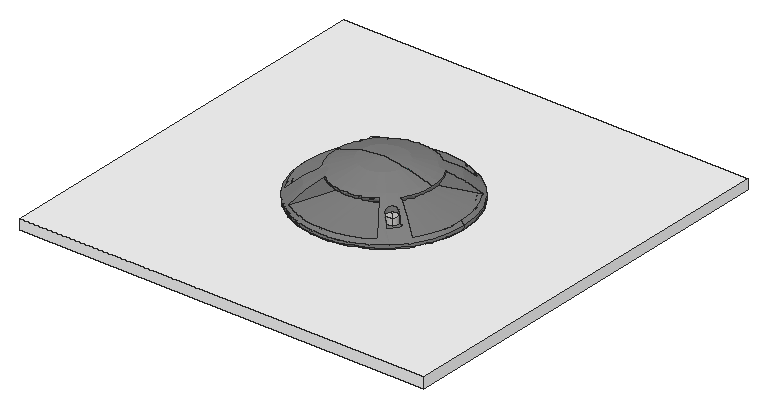
Revit family "BE_77070_de_DE", category Leuchten, Revit 2015
Parameters (values of type "BEGA_77070_Grafit_K4")
  built-in parameter 1150104 = 8.7097 (stored number, unit not read)
  Wattage = 2.4 W
  Default Elevation = 0 mm
  built-in parameter 1150113 = 1 (stored number, unit not read)
  built-in parameter 1114218 = 1 (stored number, unit not read)
  Umgebungstemperatur = "25 °C"
  URL = "http://www.bega.de/produkt/77070"
  Typenkommentare = "© 2016 BEGA. Wir behalten uns das Recht vor, technische Änderungen ohne vorherige Ankündigung vorzunehmen."  # constant formula
  Type Image = 77070.png
  built-in parameter 1150134 = 12
  built-in parameter 1150109 = 1 (stored number, unit not read)
  Strom = ""
  built-in parameter 1150110 = 1 (stored number, unit not read)
  Spannung = 23.9969 V
  Sonderanfertigung = no
  Seriennummer [instance] = "Hier können Sie die eindeutige Seriennummer für das Facility Management eintragen."
  Schutzklasse = "III"
  Schutzart = "IP 67"
  Scheinlast = 0 VA
  Produktdatenblatt = "http://www.bega.de/download/Xrfa/db/77070.db.de.pdf"
  Oberflächentemperatur = "20 °C"
  Neigungswinkel = 0.00°
  Modell = "77070K4"
  Material_17 = BEGA_Reflektor
  Material_15 = BEGA_Leuchtmedium_matt
  Material_11 = BEGA_Glas_opal
  Material_09 = BEGA_Glas_klar
  Material_06 = BEGA_Oberfläche_Edelstahl_gebürstet
  Material_03 = BEGA_Oberfläche_Weiss_matt
  Material_02 = BEGA_Oberfläche_Silber_matt
  Material_01 [instance] = BEGA_Oberfläche_Grafit_matt
  M_W = no
  M_G = yes
  M_A = no
  Logo = 0
  built-in parameter 1114217 = 1 (stored number, unit not read)
  built-in parameter 1150139 = (empty or 0)
  built-in parameter 1150105 = 17.905 (stored number, unit not read)
  built-in parameter 1150114 = 1 (stored number, unit not read)
  Lumens = 225 lm
  built-in parameter 1150115 = 1 (stored number, unit not read)
  Leuchtenlichtstrom = "23 lm"
  Leuchtenanzahl = ""
  Lebensdauerkriterien = "L70 = 50.000 h"
  Lastklassifizierung = Beleuchtung
  built-in parameter 1150112 = 1 (stored number, unit not read)
  Lampenlichtstrom = "225 lm"
  Lampe = "LED 2.4 W"
  LED_Modulbezeichnung = "LED-0245/840"
  built-in parameter 1150142 = (empty or 0)
  Hersteller = "BEGA"  # constant formula
  Halbstreuwinkel = ""
  Gewicht = "0.95 kg"
  Gebrauchslageneinschränkung [instance] = ""
  Frequenz = ""
  Farbwiedergabeindex = "Ra > 80"
  Farbtemperaturverschiebung bei Dämpfen der Lampe = <Keine Auswahl>
  Farbtemperatur = "4000 K"
  Farbfilter = 16777215
  Erdstück = no
  built-in parameter 1150133 = 10 (stored number, unit not read)
  Energieeffizienzklasse = "LED A++ - A"
  built-in parameter 1150137 = (empty or 0)
  built-in parameter 1150132 = (empty or 0)
  Einbaugehäuse = no
  ENEC = "ja"
  Dimmbar [instance] = ""
  Datei für fotometrisches Netz = "BE_77070K4.IES"
  CE_Konformität = "ja"
  Bestellnummer_Erdstück = if(Erdstück, "70894", "---")  # "---"
  Bestellnummer_Einbaugehäuse = if(Einbaugehäuse, "70751", "---")  # "---"
  Bestellnummer = "77070K4"
  Beschreibung_Sonderanfertigung = "Hier können Sie Informationen zur Sonderanfertigung eintragen."
  Beschreibung = "Bodenaufbauleuchte"
  built-in parameter 1150106 = 0.17905 (stored number, unit not read)
  Belastbarkeit = "1000 kg"
  Befestigungsbohrung = "Ø 6,5 mm"
  Befestigungsabstand = ""
  Ballwurfsicher = ""
  BEGA_Intern_aus = yes
  BEGA_Intern_an = yes
  BEGA_Intern_Konstruktion = yes
  BEGA_Intern = yes
  BEGA_IES = yes
  BEGA_Dummy = no
  Anschlussleitung = "1.8 m 05RN8-F 2 × 1²"
  Anschlussleistung [instance] = "2.8 W"
  Anschlusskasten = ""
  built-in parameter 1150107 = 4000 (stored number, unit not read)
  built-in parameter 1150102 = (empty or 0)
  built-in parameter 1150138 = (empty or 0)
  Aktualisierung = "2016-12-14T04:15:04"
  Abstand_zur_angestrahlten_Fläche [instance] = ""
  AC/DC = "DC"
Types (2, lengths in mm): name | built-in parameter 1150104 | built-in parameter 1150134 | Modell | built-in parameter 1150105 | Lumens | Leuchtenlichtstrom | Lampenlichtstrom | LED_Modulbezeichnung | Farbtemperatur | Datei für fotometrisches Netz | Bestellnummer | built-in parameter 1150106 | built-in parameter 1150107
  BEGA_77070_Grafit_K4 | 8.7097 (stored number, unit not read) | 12 | "77070K4" | 17.905 (stored number, unit not read) | 225 lm | "23 lm" | "225 lm" | "LED-0245/840" | "4000 K" | "BE_77070K4.IES" | "77070K4" | 0.17905 (stored number, unit not read) | 4000 (stored number, unit not read)
  BEGA_77070_Grafit_K3 | 8.129 (stored number, unit not read) | (empty or 0) | "77070" | 16.711 (stored number, unit not read) | 210 lm | "22 lm" | "210 lm" | "LED-0245/830" | "3000 K" | "BE_77070.IES" | "77070" | 0.16711 (stored number, unit not read) | 3000 (stored number, unit not read)
Reference planes
  plane 1 "Mitte (Vorne/Hinten)": y = 0
  plane 2: z = 0
  plane 3 "Mitte (Links/Rechts)": x = 0
  plane 4 "Links": x = -79.5
  plane 5 "Rechts": x = 79.5
  plane 6 "Unten": y = -79.501
  plane 7 "Oben": y = 79.502
  plane 8 "Vorne": z = 37.765
  plane 9 "Hinten": z = 0
Forms (mm)
  Extrusion 1, solid, material "BEGA_Platte_Weiss"
    sketch origin (0, -1119.2, 0) x (1, 0, 0) y (0, 1, 0)
      loop
        line (-200, 1319.2) -> (-200, 919.2) -> (200, 919.2) -> (200, 1319.2) -> (-200, 1319.2)
    from 0 to -10
  Extrusion 2, solid, material "BEGA_Dummy_matt", visible <- "BEGA_Dummy"
    sketch origin (77.149, -76.023, 0) x (1, 0, 0) y (0, 1, 0)
      loop
        circle (-77.149, 76.023) r 79.5
    from 0 to 37.765
Dimensions and locks
  plane 1 "Mitte (Vorne/Hinten)" to Extrusion 1 = 200 mm
  aligned and locked: plane 2 to Extrusion 1
  aligned and locked: level to Extrusion 1
Nested families
  nested 1: "BE_77070" at (0, 0, 0), type "BE_77070"
Connectors
  electrical at (0, 0, 0), driven by "Lastklassifizierung", driven by "Spannung", driven by "Scheinlast"
    settings: index 1, voltage 23.9969 V, apparent load 0 VA, apparent load phase1 0 VA, apparent load phase2 0 VA, apparent load phase3 0 VA, power factor 1, load classification "Beleuchtung", number of poles 1, system type 31, power factor state 1, is connector primary yes, connector utility no, sub classification motor no, connector description ""
Definition of nested family "BE_77070"
  Parameters (values of type "BE_77070")
    Default Elevation = 1 mm
    URL = "http://www.bega.de/de/produkt"
    Type Comments = "© 2015 BEGA. Wir behalten uns das Recht vor, technische Änderungen ohne vorherige Ankündigung vorzunehmen. "  # constant formula
    Type Image = (empty or 0)
    Material_17 = none
    Material_15 = none
    Material_11 = none
    Material_09 = none
    Material_06 = none
    Material_03 = none
    Material_02 = none
    Material_01 = none
    M_W = yes
    M_G = yes
    M_A = yes
    Länge_Platte = 200 mm  # constant formula
    Höhe_Platte = -10 mm  # constant formula
    Manufacturer = "BEGA"  # constant formula
    Breite_Platte = 200 mm  # constant formula
  Reference planes
    plane 1 "Mitte (Oben/Unten)": y = 0
    plane 2: z = 0
    plane 3 "Mitte (Links/Rechts)": x = 0
    plane 4 "Vorne": z = 37.765
    plane 5 "Links": x = -79.5
    plane 6 "Oben": y = 79.502
    plane 7 "Unten": y = -79.501
    plane 8: x = 79.5
  Forms (mm)
    Extrusion 1, solid, detail levels medium
      sketch origin (0, 0, 0) x (1, 0, 0) y (0, 1, 0)
        loop
          line (-100, 100) -> (-100, -100) -> (100, -100) -> (100, 100) -> (-100, 100)
      from 0 to -10 <- "Höhe_Platte"
    Revolve 2, solid, material <- "Material_01", detail levels medium+fine
      sketch origin (0, 0, 0) x (1, 0, 0) y (0, 0, 1)
        loop
          arc (0, 37.75) -> (-43.272, 28.837) -> (-79.5, 3.549) r 109.5
          line (-79.5, 3.549) -> (-79.5, 0.75)
          arc (-79.5, 0.75) -> (-79.354, 0.396) -> (-79, 0.25) r 0.5
          line (-79, 0.25) -> (-73, 0.25) -> (-73, 5.999) -> (-44.548, 5.999) -> (-44.548, 10.74) -> (-32, 10.74) -> (-32, 27.75) -> (0, 27.75) -> (0, 37.75)
        axis (0, 37.75) -> (0, 0.25)
      angle from 0 to 360
    Revolve 3, solid, material <- "Material_01", detail levels medium+fine
      sketch origin (0, 0, 0) x (1, 0, 0) y (0, 0, 1)
        loop
          line (-46.583, 2) -> (-46.583, 4) -> (-72.478, 4) -> (-72.478, 5.999) -> (-44.5, 5.999) -> (-44.5, 2) -> (-25.5, 2) -> (-25.5, 0) -> (-44.5, 0)
          arc (-44.5, 0) -> (-45.914, 0.586) -> (-46.5, 2) r 2
        axis (0, 0) -> (0, 5.999)
      angle from 0 to 360
    Revolve 4, void
      sketch origin (0, 0, 0) x (1, 0, 0) y (0, 0, 1)
        loop
          line (45.956, 24.034) -> (31.271, 23.264) -> (31.271, 15.25) -> (33, 15.25) -> (76.979, 6.701)
          arc (76.979, 6.701) -> (62.891, 18.428) -> (47.044, 27.64) r 109.498
          arc (47.044, 27.64) -> (47.771, 25.453) -> (45.956, 24.034) r 2
        axis (0, 6.701) -> (0, 27.64)
      angle from -34.969 to 35.019
    Revolve 5, void
      sketch origin (0, 0, 0) x (0, 1, 0) y (0, 0, 1)
        loop
          line (45.956, 24.034) -> (31.271, 23.264) -> (31.271, 15.25) -> (33, 15.25) -> (76.979, 6.701)
          arc (76.979, 6.701) -> (62.891, 18.428) -> (47.044, 27.64) r 109.498
          arc (47.044, 27.64) -> (47.771, 25.453) -> (45.956, 24.034) r 2
        axis (0, 6.701) -> (0, 27.64)
      angle from -35.067 to 34.981
    Revolve 6, solid, material <- "Material_17", detail levels medium+fine
      sketch origin (0, 0, 0) x (1, 0, 0) y (0, 0, 1)
        loop
          line (-21.535, 17.762) -> (-25, 14.75) -> (-25, 10.75) -> (-24.2, 10.75) -> (-24.2, 14.385) -> (-21.044, 17.128)
          arc (-21.044, 17.128) -> (-19.5, 18.621) -> (-18.127, 20.273) r 19.8
          arc (-18.127, 20.273) -> (-17.422, 21.309) -> (-16.808, 22.401) r 14.8
          arc (-16.808, 22.401) -> (-16.352, 23.468) -> (-16.041, 24.587) r 8.8
          line (-16.041, 24.587) -> (-16.824, 24.75)
          arc (-16.824, 24.75) -> (-17.107, 23.732) -> (-17.523, 22.76) r 8
          arc (-17.523, 22.76) -> (-18.103, 21.729) -> (-18.769, 20.75) r 14
          arc (-18.769, 20.75) -> (-20.072, 19.182) -> (-21.535, 17.762) r 19
        axis (0, 24.75) -> (0, 10.75)
      angle from 0 to 360
    Revolve 7, solid, material <- "Material_09", detail levels medium+fine
      sketch origin (0, 0, 0) x (1, 0, 0) y (0, 0, 1)
        loop
          line (-26.8, 12.75) -> (-26.8, 25.75) -> (-30, 25.75) -> (-30, 12.75) -> (-26.8, 12.75)
        axis (0, 12.75) -> (0, 25.75)
      angle from 0 to 360
    Revolve 8, solid, material <- "Material_06", detail levels fine
      sketch origin (0, 0, 0) x (1, 0, 0) y (0, 0, 1)
        loop
          line (-10.451, 2.25) -> (-10.451, -7.25) -> (-8.875, -7.25) -> (-8.875, -9.25)
          arc (-8.875, -9.25) -> (-7.754, -12.027) -> (-5.018, -13.247) r 4
          line (-5.018, -13.247) -> (-3.989, -13.247) -> (-3.989, 18.772) -> (-7.5, 18.772) -> (-7.5, 10.75) -> (-10.451, 10.75) -> (-10.451, 5.999) -> (-7.5, 5.999) -> (-7.5, 2.25) -> (-10.451, 2.25)
        axis (0, 18.772) -> (0, -13.247)
      angle from 0 to 360
    Extrusion 9, void
      sketch origin (0, 0, 0) x (1, 0, 0) y (0, 1, 0)
        loop
          circle (35, 0) r 3.25
      from 0 to 3.549
    Extrusion 10, void
      sketch origin (0, 0, 0) x (-0.5, 0.866025, 0) y (-0.866025, -0.5, 0)
        loop
          circle (35, 0) r 3.25
      from 0 to 3.549
    Extrusion 11, void
      sketch origin (0, 0, 0) x (-0.5, -0.866025, 0) y (0.866025, -0.5, 0)
        loop
          circle (35, 0) r 3.25
      from 0 to 3.549
    Revolve 12, void
      sketch origin (0.704, -0.715, 0) x (0.707107, -0.707107, 0) y (0, 0, 1)
        loop
          line (-66.331, 6.5) -> (-69.222, 6.5) -> (-69.222, 3.815) -> (-66.522, 3.815) -> (-66.331, 6.5)
        axis (-69.222, 3.815) -> (-69.222, 6.5)
      angle from 0 to 360
    Revolve 13, void
      sketch origin (97.169, -97.18, 0) x (0.707107, -0.707107, 0) y (0, 0, 1)
        loop
          line (-66.331, 6.5) -> (-69.222, 6.5) -> (-69.222, 3.815) -> (-66.522, 3.815) -> (-66.331, 6.5)
        axis (-69.222, 3.815) -> (-69.222, 6.5)
      angle from 0 to 360
    Revolve 14, solid, material <- "Material_06", detail levels fine
      sketch origin (-0.003, -0.008, 0) x (0.707107, -0.707107, 0) y (0, 0, 1)
        loop
          line (-68.222, 0.7) -> (-65.622, 0.7) -> (-65.622, 6.5) -> (-68.222, 6.5) -> (-68.222, 0.7)
        axis (-68.222, 0.7) -> (-68.222, 6.5)
      angle from 0 to 360
    Revolve 15, solid, material <- "Material_06", detail levels fine
      sketch origin (-0.003, -0.008, 0) x (-0.707107, 0.707107, 0) y (0, 0, -1)
        loop
          line (-68.222, -0.706) -> (-68.222, -6.5) -> (-65.622, -6.5) -> (-65.622, -0.706) -> (-68.222, -0.706)
        axis (-68.222, -0.706) -> (-68.222, -6.5)
      angle from 0 to 360
    Extrusion 16, void
      sketch origin (0, 0, 0) x (1, 0, 0) y (0, 1, 0)
        loop
          arc (-46.669, 38.184) -> (-38.184, 38.184) -> (-38.184, 46.669) r 6
          line (-38.184, 46.669) -> (-44.862, 53.347)
          arc (-44.862, 53.347) -> (-49.287, 49.287) -> (-53.347, 44.862) r 69.703
          line (-53.347, 44.862) -> (-46.669, 38.184)
        loop
          arc (46.669, -38.184) -> (38.184, -38.184) -> (38.184, -46.669) r 6
          line (38.184, -46.669) -> (44.862, -53.347)
          arc (44.862, -53.347) -> (49.287, -49.287) -> (53.347, -44.862) r 69.703
          line (53.347, -44.862) -> (46.669, -38.184)
      from 12.75 to 33.319
    Revolve 17, solid, material <- "Material_06", detail levels fine
      sketch origin (0, 0, 0) x (0.707107, -0.707107, 0) y (0, 0, 1)
        loop
          line (-55, 18.7) -> (-60, 18.7) -> (-60, 0.7) -> (-56.75, 0.7) -> (-56.75, 12.7) -> (-55, 12.7) -> (-55, 18.7)
        axis (-60, 0.7) -> (-60, 18.7)
      angle from 0 to 360
    Revolve 18, solid, material <- "Material_06", detail levels fine
      sketch origin (84.853, -84.853, 0) x (0.707107, -0.707107, 0) y (0, 0, 1)
        loop
          line (-55, 18.7) -> (-60, 18.7) -> (-60, 0.7) -> (-56.75, 0.7) -> (-56.75, 12.7) -> (-55, 12.7) -> (-55, 18.7)
        axis (-60, 0.7) -> (-60, 18.7)
      angle from 0 to 360
    Revolve 19, void
      sketch origin (0, 0, 0) x (0, -1, 0) y (0, 0, -1)
        loop
          arc (45.956, -24.034) -> (47.771, -25.453) -> (47.044, -27.64) r 2
          arc (47.044, -27.64) -> (62.891, -18.428) -> (76.979, -6.701) r 109.498
          line (76.979, -6.701) -> (33, -15.25) -> (31.271, -15.25) -> (31.271, -23.264) -> (45.956, -24.034)
        axis (0, -6.701) -> (0, -27.64)
      angle from -34.969 to 35.019
    Revolve 20, void
      sketch origin (0, 0, 0) x (-1, 0, 0) y (0, 0, -1)
        loop
          arc (45.956, -24.034) -> (47.771, -25.453) -> (47.044, -27.64) r 2
          arc (47.044, -27.64) -> (62.891, -18.428) -> (76.979, -6.701) r 109.498
          line (76.979, -6.701) -> (33, -15.25) -> (31.271, -15.25) -> (31.271, -23.264) -> (45.956, -24.034)
        axis (0, -6.701) -> (0, -27.64)
      angle from -35.067 to 34.981
  Cuts and joins
    Revolve 4, Revolve 5, Extrusion 9, Revolve 12, Revolve 13, Extrusion 16, Revolve 19, Revolve 20 cuts Revolve 2
    Extrusion 9, Extrusion 10, Extrusion 11, Revolve 12, Revolve 13, Extrusion 16 cuts Revolve 3
  Dimensions and locks
    equal spacing: Extrusion 1 sketch curve, plane 3 "Mitte (Links/Rechts)", Extrusion 1 sketch curve
    equal spacing: Extrusion 1 sketch curve, plane 1 "Mitte (Oben/Unten)", Extrusion 1 sketch curve
    "Länge_Platte": Extrusion 1 sketch curve to Extrusion 1 sketch curve
    "Breite_Platte": Extrusion 1 sketch curve to Extrusion 1 sketch curve
    aligned and locked: Extrusion 1 to plane 2
    aligned and locked: level to Extrusion 1
  Automatic sketch dimensions
    Revolve 2 sketch curve to plane 5 "Links" = 0 mm
    Revolve 2 sketch curve to Revolve 2 sketch curve = 0.5 mm
    plane 5 "Links" to Revolve 2 sketch curve = 6.5 mm
    level to Revolve 2 sketch curve = 10.74 mm
    Revolve 2 sketch curve to Revolve 2 sketch curve = 28.452 mm
    Revolve 2 sketch curve to Revolve 2 sketch curve = 12.548 mm
    Revolve 2 sketch curve to plane 3 "Mitte (Links/Rechts)" = 0 mm
    plane 3 "Mitte (Links/Rechts)" to Revolve 2 sketch curve = 0 mm
    Revolve 2 sketch curve to Revolve 2 sketch curve = 4.741 mm
    level to Revolve 2 sketch curve = 3.549 mm
    level to Revolve 2 sketch curve = 0.75 mm
    Revolve 2 sketch curve to level = 71.75 mm
    Revolve 2 sketch curve to Revolve 2 sketch curve = 10 mm
    Revolve 2 sketch curve to Revolve 2 sketch curve = 0 mm  (x3)
    Revolve 3 sketch curve to level = 0 mm  (x2)
    Revolve 3 sketch curve to plane 3 "Mitte (Links/Rechts)" = 0 mm
    Revolve 3 sketch curve to Revolve 3 sketch curve = 25.5 mm
    level to Revolve 3 sketch curve = 5.999 mm
    Revolve 3 sketch curve to Revolve 3 sketch curve = 19 mm
    Revolve 3 sketch curve to Revolve 3 sketch curve = 0 mm  (x4)
    Revolve 3 sketch curve to Revolve 3 sketch curve = 2.083 mm
    plane 5 "Links" to Revolve 3 sketch curve = 7.022 mm
    Revolve 3 sketch curve to Revolve 3 sketch curve = 2 mm
    Revolve 3 sketch curve to Revolve 3 sketch curve = 1.999 mm
    Revolve 3 sketch curve to Revolve 3 sketch curve = 0.083 mm
    Revolve 3 sketch curve to Revolve 3 sketch curve = 3.549 mm
    Revolve 4 sketch curve to plane 3 "Mitte (Links/Rechts)" = 0 mm
    plane 3 "Mitte (Links/Rechts)" to Revolve 4 sketch curve = 0.129 mm
    level to Revolve 4 sketch curve = 15.25 mm
    plane 3 "Mitte (Links/Rechts)" to Revolve 4 sketch curve = 31.271 mm
    Revolve 4 sketch curve to Revolve 4 sketch curve = 1.729 mm
    Revolve 4 sketch curve to Revolve 4 sketch curve = 14.585 mm
    Revolve 4 sketch curve to plane 4 "Vorne" = 13.731 mm
    Revolve 4 sketch curve to Revolve 4 sketch curve = 0.099 mm
    plane 8 to Revolve 4 sketch curve = 2.521 mm
    level to Revolve 4 sketch curve = 6.701 mm
    Revolve 4 sketch curve to level = 71.298 mm
    Revolve 4 sketch curve to Revolve 4 sketch curve = 8.014 mm
    Revolve 4 sketch curve to Revolve 4 sketch curve = 1.998 mm
    level to Revolve 4 sketch curve = 14.569 mm
    Revolve 4 sketch curve to Revolve 4 sketch curve = 8.411 mm
    Revolve 5 sketch curve to level = 71.298 mm
    level to Revolve 5 sketch curve = 15.25 mm
    Revolve 5 sketch curve to Revolve 5 sketch curve = 31.142 mm
    Revolve 5 sketch curve to Revolve 5 sketch curve = 1.729 mm
    Revolve 5 sketch curve to Revolve 5 sketch curve = 14.585 mm
    Revolve 5 sketch curve to plane 4 "Vorne" = 13.731 mm
    Revolve 5 sketch curve to Revolve 5 sketch curve = 0.099 mm
    level to Revolve 5 sketch curve = 6.701 mm
    Revolve 5 sketch curve to Revolve 5 sketch curve = 31.023 mm
    Revolve 5 sketch curve to Revolve 5 sketch curve = 8.014 mm
    Revolve 5 sketch curve to Revolve 5 sketch curve = 1.998 mm
    Revolve 5 sketch curve to plane 4 "Vorne" = 14.784 mm
    Revolve 5 sketch curve to Revolve 5 sketch curve = 31.271 mm
    Revolve 5 sketch curve to Revolve 5 sketch curve = 8.411 mm
    Revolve 6 sketch curve to Revolve 6 sketch curve = 0 mm  (x8)
    Revolve 6 sketch curve to plane 3 "Mitte (Links/Rechts)" = 0 mm
    Revolve 6 sketch curve to plane 3 "Mitte (Links/Rechts)" = 16.041 mm
    Revolve 6 sketch curve to Revolve 6 sketch curve = 0.783 mm
    Revolve 6 sketch curve to Revolve 6 sketch curve = 4.22 mm
    Revolve 6 sketch curve to Revolve 6 sketch curve = 0.491 mm
    Revolve 6 sketch curve to Revolve 6 sketch curve = 3.156 mm
    Revolve 6 sketch curve to Revolve 6 sketch curve = 7.832 mm
    Revolve 6 sketch curve to Revolve 6 sketch curve = 0.8 mm
    Revolve 6 sketch curve to Revolve 6 sketch curve = 5.346 mm
    Revolve 6 sketch curve to Revolve 6 sketch curve = 4.012 mm
    level to Revolve 6 sketch curve = 10.75 mm
    Revolve 6 sketch curve to Revolve 6 sketch curve = 3.635 mm
    Revolve 6 sketch curve to Revolve 6 sketch curve = 0.365 mm
    Revolve 6 sketch curve to Revolve 6 sketch curve = 2.743 mm
    Revolve 6 sketch curve to Revolve 6 sketch curve = 0.633 mm
    Revolve 6 sketch curve to Revolve 6 sketch curve = 6.825 mm
    Revolve 6 sketch curve to Revolve 6 sketch curve = 0.163 mm
    Revolve 6 sketch curve to Revolve 6 sketch curve = 1.632 mm
    Revolve 6 sketch curve to Revolve 6 sketch curve = 2.724 mm
    Revolve 6 sketch curve to Revolve 6 sketch curve = 2.984 mm
    Revolve 6 sketch curve to Revolve 6 sketch curve = 0.767 mm
    Revolve 6 sketch curve to Revolve 6 sketch curve = 0.715 mm
    Revolve 6 sketch curve to Revolve 6 sketch curve = 1.319 mm
    Revolve 6 sketch curve to Revolve 6 sketch curve = 0.642 mm
    level to Revolve 6 sketch curve = 16.245 mm
    Revolve 6 sketch curve to Revolve 6 sketch curve = 5 mm
    Revolve 7 sketch curve to plane 3 "Mitte (Links/Rechts)" = 0 mm
    level to Revolve 7 sketch curve = 12.75 mm
    Revolve 7 sketch curve to plane 3 "Mitte (Links/Rechts)" = 26.8 mm
    Revolve 7 sketch curve to Revolve 7 sketch curve = 3.2 mm
    Revolve 7 sketch curve to plane 4 "Vorne" = 12.015 mm
    level to Revolve 7 sketch curve = 16.499 mm
    Revolve 7 sketch curve to Revolve 7 sketch curve = 5 mm
    Revolve 8 sketch curve to plane 3 "Mitte (Links/Rechts)" = 0 mm
    Revolve 8 sketch curve to plane 3 "Mitte (Links/Rechts)" = 3.989 mm
    Revolve 8 sketch curve to Revolve 8 sketch curve = 0.886 mm
    Revolve 8 sketch curve to Revolve 8 sketch curve = 1.029 mm
    Revolve 8 sketch curve to plane 3 "Mitte (Links/Rechts)" = 7.5 mm  (x2)
    level to Revolve 8 sketch curve = 2.25 mm
    Revolve 8 sketch curve to Revolve 8 sketch curve = 4 mm
    Revolve 8 sketch curve to Revolve 8 sketch curve = 1.576 mm
    Revolve 8 sketch curve to Revolve 8 sketch curve = 2.951 mm
    Revolve 8 sketch curve to level = 7.25 mm
    Revolve 8 sketch curve to Revolve 8 sketch curve = 2 mm
    Revolve 8 sketch curve to Revolve 8 sketch curve = 0 mm  (x3)
    Revolve 8 sketch curve to Revolve 8 sketch curve = 3.749 mm
    Revolve 8 sketch curve to Revolve 8 sketch curve = 4.751 mm
    Revolve 8 sketch curve to Revolve 8 sketch curve = 8.022 mm
    plane 1 "Mitte (Oben/Unten)" to Extrusion 9 sketch curve = 0 mm
    plane 3 "Mitte (Links/Rechts)" to Extrusion 9 sketch curve = 35 mm
    Extrusion 10 sketch curve to plane 3 "Mitte (Links/Rechts)" = 17.5 mm
    Extrusion 10 sketch curve to plane 1 "Mitte (Oben/Unten)" = 30.311 mm
    Extrusion 11 sketch curve to plane 3 "Mitte (Links/Rechts)" = 17.5 mm
    plane 1 "Mitte (Oben/Unten)" to Extrusion 11 sketch curve = 30.311 mm
    level to Revolve 12 sketch curve = 3.815 mm
    Revolve 12 sketch curve to Revolve 12 sketch curve = 0 mm  (x2)
    Revolve 12 sketch curve to Revolve 12 sketch curve = 2.7 mm
    level to Revolve 12 sketch curve = 6.5 mm
    Revolve 12 sketch curve to Revolve 12 sketch curve = 0.191 mm
    Revolve 12 sketch curve to Revolve 12 sketch curve = 0.185 mm
    Revolve 12 sketch curve to Revolve 12 sketch curve = 0.949 mm
    level to Revolve 13 sketch curve = 3.815 mm
    Revolve 13 sketch curve to Revolve 13 sketch curve = 0 mm  (x2)
    Revolve 13 sketch curve to Revolve 13 sketch curve = 2.7 mm
    level to Revolve 13 sketch curve = 6.5 mm
    Revolve 13 sketch curve to Revolve 13 sketch curve = 0.191 mm
    Revolve 13 sketch curve to Revolve 13 sketch curve = 0.185 mm
    Revolve 13 sketch curve to Revolve 13 sketch curve = 0.949 mm
    level to Revolve 14 sketch curve = 0.7 mm
    Revolve 14 sketch curve to Revolve 14 sketch curve = 2.6 mm
    Revolve 14 sketch curve to Revolve 14 sketch curve = 5.8 mm
    Revolve 14 sketch curve to Revolve 14 sketch curve = 0 mm  (x2)
    Revolve 14 sketch curve to Revolve 14 sketch curve = 2.5 mm
    level to Revolve 15 sketch curve = 0.706 mm
    Revolve 15 sketch curve to Revolve 15 sketch curve = 2.6 mm
    Revolve 15 sketch curve to Revolve 15 sketch curve = 5.794 mm
    Revolve 15 sketch curve to Revolve 15 sketch curve = 0 mm  (x2)
    Revolve 15 sketch curve to Revolve 15 sketch curve = 2.5 mm
    plane 5 "Links" to Extrusion 16 sketch curve = 26.153 mm
    Extrusion 16 sketch curve to plane 6 "Oben" = 26.155 mm
    Extrusion 16 sketch curve to Extrusion 16 sketch curve = 8.485 mm  (x2)
    Extrusion 16 sketch curve to Extrusion 16 sketch curve = 10.92 mm  (x2)
    Extrusion 16 sketch curve to plane 3 "Mitte (Links/Rechts)" = 0 mm
    plane 3 "Mitte (Links/Rechts)" to Extrusion 16 sketch curve = 0 mm
    plane 8 to Extrusion 16 sketch curve = 37.074 mm
    Extrusion 16 sketch curve to Extrusion 16 sketch curve = 2.435 mm  (x3)
    Extrusion 16 sketch curve to plane 1 "Mitte (Oben/Unten)" = 0 mm
    plane 7 "Unten" to Extrusion 16 sketch curve = 37.075 mm
    Extrusion 16 sketch curve to Extrusion 16 sketch curve = 4.243 mm  (x6)
    Extrusion 16 sketch curve to Extrusion 16 sketch curve = 0 mm  (x8)
    level to Revolve 17 sketch curve = 0.7 mm  (x2)
    level to Revolve 17 sketch curve = 18.7 mm
    Revolve 17 sketch curve to Revolve 17 sketch curve = 0 mm  (x5)
    Revolve 17 sketch curve to Revolve 17 sketch curve = 3.25 mm
    Revolve 17 sketch curve to Revolve 17 sketch curve = 5 mm
    Revolve 17 sketch curve to Revolve 17 sketch curve = 6 mm
    Revolve 17 sketch curve to Revolve 17 sketch curve = 0.14 mm
    level to Revolve 18 sketch curve = 0.7 mm  (x2)
    level to Revolve 18 sketch curve = 18.7 mm
    Revolve 18 sketch curve to Revolve 18 sketch curve = 0 mm  (x5)
    Revolve 18 sketch curve to Revolve 18 sketch curve = 3.25 mm
    Revolve 18 sketch curve to Revolve 18 sketch curve = 5 mm
    Revolve 18 sketch curve to Revolve 18 sketch curve = 6 mm
    Revolve 18 sketch curve to Revolve 18 sketch curve = 0.14 mm
    Revolve 19 sketch curve to plane 1 "Mitte (Oben/Unten)" = 0 mm
    plane 1 "Mitte (Oben/Unten)" to Revolve 19 sketch curve = 0.129 mm
    level to Revolve 19 sketch curve = 15.25 mm
    plane 1 "Mitte (Oben/Unten)" to Revolve 19 sketch curve = 31.271 mm
    Revolve 19 sketch curve to Revolve 19 sketch curve = 1.729 mm
    Revolve 19 sketch curve to Revolve 19 sketch curve = 14.585 mm
    Revolve 19 sketch curve to plane 4 "Vorne" = 13.731 mm
    Revolve 19 sketch curve to Revolve 19 sketch curve = 0.099 mm
    plane 7 "Unten" to Revolve 19 sketch curve = 2.522 mm
    Revolve 19 sketch curve to Revolve 19 sketch curve = 1.998 mm
    Revolve 19 sketch curve to Revolve 19 sketch curve = 8.014 mm
    level to Revolve 19 sketch curve = 6.701 mm
    Revolve 19 sketch curve to level = 71.298 mm
    Revolve 19 sketch curve to plane 4 "Vorne" = 14.784 mm
    Revolve 19 sketch curve to Revolve 19 sketch curve = 8.411 mm
    Revolve 20 sketch curve to level = 71.298 mm
    level to Revolve 20 sketch curve = 15.25 mm
    Revolve 20 sketch curve to Revolve 20 sketch curve = 31.142 mm
    Revolve 20 sketch curve to Revolve 20 sketch curve = 1.729 mm
    Revolve 20 sketch curve to Revolve 20 sketch curve = 14.585 mm
    Revolve 20 sketch curve to plane 4 "Vorne" = 13.731 mm
    Revolve 20 sketch curve to Revolve 20 sketch curve = 0.099 mm
    level to Revolve 20 sketch curve = 6.701 mm
    Revolve 20 sketch curve to Revolve 20 sketch curve = 31.023 mm
    Revolve 20 sketch curve to Revolve 20 sketch curve = 1.998 mm
    Revolve 20 sketch curve to Revolve 20 sketch curve = 8.014 mm
    Revolve 20 sketch curve to plane 4 "Vorne" = 14.784 mm
    Revolve 20 sketch curve to Revolve 20 sketch curve = 31.271 mm
    Revolve 20 sketch curve to Revolve 20 sketch curve = 8.411 mm
    radius of Extrusion 9 sketch curve = 3.25 mm
    radius of Extrusion 10 sketch curve = 3.25 mm
    radius of Extrusion 11 sketch curve = 3.25 mm
